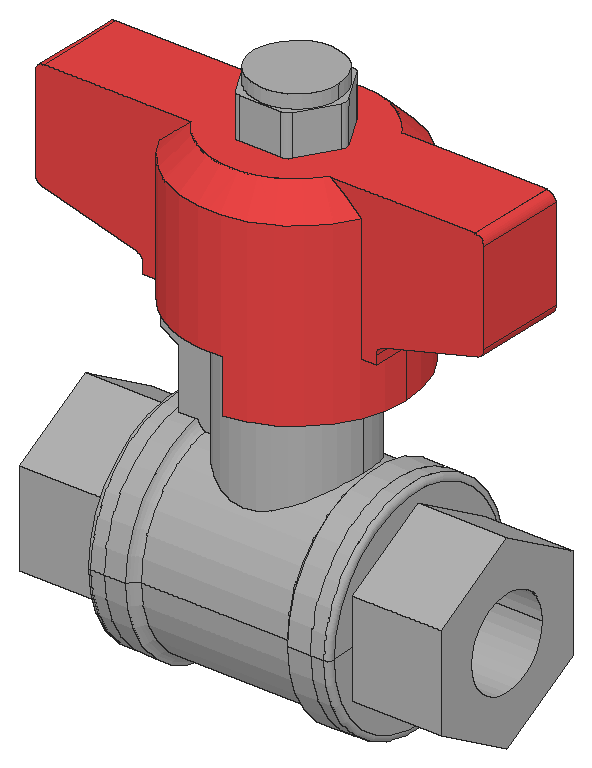
Revit family "QA00200000", category Apparecchi idraulici, Revit 2016
Family settings
  Tipo di parte = Normale
  Quota connettore circolare = Usa diametro
  Numero OmniClass = 23.45.00.00
  Titolo OmniClass = Sanitary, Laundry, and Cleaning Equipment
  Basato su piano di lavoro = No
  Sempre verticale = Sì
  Taglio con vuoti quando caricato = No
  Condiviso = No
  Punto di calcolo locali = No
Parameters
  DN Model [instance] = QA00201008 : QA00201008
Reference planes
  plane 1 "Centro (Fronte/Retro)": y = 0
  plane 2: z = 0
  plane 3 "Centro (Sinistra/Destra)": x = 0
Dimensions and locks
  aligned and locked: level to plane 2
Nested families
  nested 1: "QA00201008" at (0, 0, 0), type <- "DN Model", type "QA00201008"
  nested 2: "QA00201008" at (0, 0, 0), type <- "DN Model", type "QA00201008"
Definition of nested family "QA00201008"
  Reference planes
    plane 1 "Centro (Fronte/Retro)": y = 0
    plane 2: z = 0
    plane 3 "Centro (Sinistra/Destra)": x = 0
  Forms (mm)
    Revolve 1, solid
      sketch origin (0, 0, 0) x (1, 0, 0) y (0, 1, 0)
        loop
          line (-13.5, 6.5) -> (13.5, 6.5) -> (13.5, 11.686)
          arc (13.5, 11.686) -> (13.419, 12.161) -> (13, 12.4) r 0.563
          line (13, 12.4) -> (11.5, 12.4) -> (9.003, 12.5)
          arc (9.003, 12.5) -> (8.637, 11.94) -> (8.134, 11.5) r 2.456
          line (8.134, 11.5) -> (-8.134, 11.5)
          arc (-8.134, 11.5) -> (-8.673, 11.909) -> (-9, 12.5) r 1.636
          line (-9, 12.5) -> (-11.5, 12.4) -> (-13, 12.4)
          arc (-13, 12.4) -> (-13.354, 12.254) -> (-13.5, 11.9) r 0.5
          line (-13.5, 11.9) -> (-13.5, 6.5)
        axis (-13.5, 0) -> (13.5, 0)
      angle from 0 to 360
    Extrusion 2, solid
      sketch origin (0, 0, 0) x (0, 1, 0) y (0, 0, 1)
        loop
          circle (0, 0) r 5
        loop
          line (0, -10.5) -> (9.093, -5.25) -> (9.093, 5.25) -> (0, 10.5) -> (-9.093, 5.25) -> (-9.093, -5.25) -> (0, -10.5)
      from -23.5 to -12.146
    Extrusion 3, solid
      sketch origin (0, 0, 0) x (1, 0, 0) y (0, 1, 0)
        loop
          circle (0, 0) r 7.532
        loop
          circle (0, 0) r 6.544
      from 3.8 to 39.889
    Revolve 4, solid
      sketch origin (0, 0, 0) x (1, 0, 0) y (0, 0, 1)
        loop
          line (0, 43.3) -> (-9.25, 43.3) -> (-12.25, 40.3) -> (-12.25, 20.3) -> (-7.802, 20.3) -> (-7.802, 39.889) -> (0, 39.889) -> (0, 43.3)
        axis (0, 43.3) -> (0, 20.3)
      angle from 0 to 360
    Extrusion 5, void
      sketch origin (0, 0, 0) x (1, 0, 0) y (0, 1, 0)
        loop
          arc (-12.226, -0.772) -> (-7.812, -9.436) -> (1.524, -12.155) r 12.25
          line (1.524, -12.155) -> (1.524, -7.883)
          arc (1.524, -7.883) -> (-2.886, -5.381) -> (-4.999, -0.772) r 8.25
          line (-4.999, -0.772) -> (-12.226, -0.772)
      from 20.3 to 26.251
    Extrusion 6, solid
      sketch origin (0, 0, 0) x (1, 0, 0) y (0, 1, 0)
        loop
          arc (-2.307, 5) -> (-2.809, 4.865) -> (-3.177, 4.498) r 1.004
          line (-3.177, 4.498) -> (-5.487, 0.496)
          arc (-5.487, 0.496) -> (-5.62, 0) -> (-5.487, -0.496) r 0.992
          line (-5.487, -0.496) -> (-3.188, -4.478)
          arc (-3.188, -4.478) -> (-2.806, -4.86) -> (-2.284, -5) r 1.043
          line (-2.284, -5) -> (2.288, -5)
          arc (2.288, -5) -> (2.806, -4.861) -> (3.186, -4.481) r 1.038
          line (3.186, -4.481) -> (5.496, -0.481)
          arc (5.496, -0.481) -> (5.625, 0) -> (5.496, 0.481) r 0.963
          line (5.496, 0.481) -> (3.176, 4.499)
          arc (3.176, 4.499) -> (2.809, 4.866) -> (2.309, 5) r 1.001
          line (2.309, 5) -> (-2.307, 5)
      from 43.3 to 47.8
    Extrusion 7, solid
      sketch origin (0, 0, 0) x (1, 0, 0) y (0, 1, 0)
        loop
          circle (0, 0) r 4.75
      from 47.8 to 49.3
    Extrusion 8, solid
      sketch origin (0, 0, 0) x (0, 1, 0) y (0, 0, -1)
        loop
          circle (0, 0) r 5
        loop
          line (0, 10.5) -> (-9.093, 5.25) -> (-9.093, -5.25) -> (0, -10.5) -> (9.093, -5.25) -> (9.093, 5.25) -> (0, 10.5)
      from -23.5 to -12.146
    Extrusion 9, solid
      sketch origin (0, 0, 0) x (1, 0, 0) y (0, 0, 1)
        loop
          line (-13.071, 24.751) -> (-13.071, 19.949) -> (-11.076, 18.797) -> (-11.076, 10.826) -> (-7.31, 10.826) -> (-7.31, 24.751) -> (-13.071, 24.751)
      from 0.772 to 2.564
    Extrusion 10, solid
      sketch origin (0, 0, 0) x (1, 0, 0) y (0, 0, 1)
        loop
          arc (-24.074, 43.251) -> (-24.782, 42.959) -> (-25.076, 42.251) r 1
          line (-25.076, 42.251) -> (-25.076, 32.019)
          arc (-25.076, 32.019) -> (-24.869, 31.409) -> (-24.333, 31.053) r 1
          line (-24.333, 31.053) -> (-13.817, 28.235)
          arc (-13.817, 28.235) -> (-13.282, 27.877) -> (-13.076, 27.269) r 1
          line (-13.076, 27.269) -> (-13.076, 26.251) -> (12.924, 26.251) -> (12.924, 27.269)
          arc (12.924, 27.269) -> (13.131, 27.877) -> (13.665, 28.235) r 1
          line (13.665, 28.235) -> (24.182, 31.053)
          arc (24.182, 31.053) -> (24.717, 31.409) -> (24.924, 32.019) r 1
          line (24.924, 32.019) -> (24.924, 42.251)
          arc (24.924, 42.251) -> (24.632, 42.958) -> (23.926, 43.251) r 1
          line (23.926, 43.251) -> (-24.074, 43.251)
      from -5 to 5
  Cuts and joins
    Extrusion 5 cuts Revolve 4
    joined: Revolve 4, Extrusion 10
    joined: Revolve 1, Extrusion 2, Extrusion 8
  Dimensions and locks
    aligned and locked: level to plane 2
